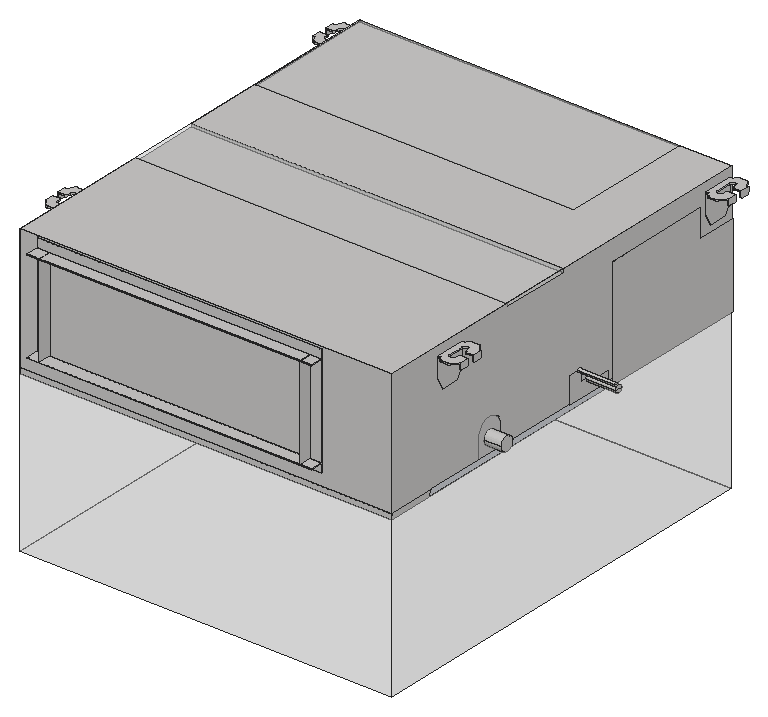
Revit family "outputfile", category 機械設備, Revit 2024
Family settings
  丸型コネクタ寸法 = 半径を使用
  パーツ タイプ = 標準
  OmniClass 番号 = 23.75.10.24.21.27.27
  OmniClass タイトル = Split System Air Conditioning Units
  作業面ベース = いいえ
  常に垂直 = はい
  ロード時にボイドで切り取り = いいえ
  注釈の向きを維持 = いいえ
  共有 = いいえ
  部屋計算ポイント = はい
Parameters (values of type "FXDBQ40AVMS")
  Description = ""
  書き出し IFC クラス(タイプ) = "IfcUnitaryEquipmentType"
  定義済み IFC タイプ(タイプ) = "AIRCONDITIONINGUNIT"
  Cost = 0
  Type Comments = ""
  Keynote = ""
  Type Image = (empty or 0)
  Assembly Code = ""
  lh_liquidpipe = [h***] + 60.0 mm  # 60.0 mm
  lh_RA [instance] = if(Rear Connection_Return Air, 125.25 mm + [h***], 245.0 mm + [h***])  # 125.25 mm
  ld_RA_length [instance] = if(Rear Connection_Return Air, 245.0 mm, 126.0 mm)  # 245.0 mm
  l_liquidpipe_length [instance] = 421.0 mm
  l_gaspipe_length [instance] = 408.0 mm
  l_drainpipe_length [instance] = 383.0 mm
  angle_vertica [instance] = 90.00°
  angle horizontal [instance] = if(Right Connection_refrigerant, 180.00°, 0.00°)  # 180.00°
  URL = ""
  Right Connection_refrigerant [instance] = yes
  製造元 = "Daikin"
  モデル = "FXDBQ40AVMS"
  w_pipe = 33.0 mm
  r_Liquid Pipe Size = Liquid Pipe Size / 2  # 3.2 mm
  r_Gas Pipe Size = Gas Pipe Size / 2  # 6.35 mm
  r_Drain Pipe Size = Drain Pipe Size / 2  # 12.5 mm
  lw_powersupply = 304.0 mm
  lw_ductflange2 = 602.0 mm
  lw_Width = 535.0 mm
  lh_suctionflange [instance] = 125.25 mm
  ld_suctionflange [instance] = if(Rear Connection_Return Air, 190.0 mm, 100.0 mm)  # 190.0 mm
  ld_powersupply = 60.0 mm
  angle_vertical_RA [instance] = if(Rear Connection_Return Air, 90.00°, 0.00°)  # 90.00°
  angle horizontal_RA [instance] = if(Rear Connection_Return Air, 180.00°, 270.00°)  # 180.00°
  Voltage_comment_50Hz = "220-240"
  Voltage_50Hz = 230 V
  Supply Air Direction [instance] = yes
  Sound Power Level_H speed (dB) = 0
  Rear Connection_Return Air [instance] = not(Bottom Connection_Return Air)  # yes
  RA_length [instance] = 245.0 mm  # constant formula
  Phase_50Hz = 1
  Minimum External Static Pressure = 15.00 Pa
  Minimum Circuit Amps_50Hz = 1.0 A
  Maximum Fuse Amps_50Hz = 16.0 A
  Maximum External Static Pressure = 50.00 Pa
  Material_Casing = DAIKIN_GalvanizedSteel_Casing_indoorunit
  lw_liquidpipe = 71.0 mm  # constant formula
  lw_gaspipe = 58.0 mm  # constant formula
  lw_mountinghole_pitch = 738.0 mm
  lw_mountinghole = 20.0 mm  # constant formula
  lw_drainpipe = 33.0 mm  # constant formula
  lh_powersupply = 10.0 mm
  lh_gaspipe = [h***] + 38.0 mm  # 38.0 mm
  lh_mountinghole = Height - 15.0 mm + [h***]  # 230.0 mm
  lh_drainpipe = 150.0 mm
  lh_antena = 16.0 mm  # constant formula
  ld_liquidpipe = 193.0 mm  # constant formula
  ld_gaspipe = 130.0 mm  # constant formula
  ld_mountinghole_pitch = 630.0 mm  # constant formula
  ld_drainpipe = 280.0 mm
  ld_controlbox = 626.0 mm  # constant formula
  h*** = 0.0 mm  # constant formula
  d_dischargeflange = 25.0 mm  # constant formula
  Width = 700.0 mm
  Version = "ver.1.0"
  Unit Type = "Bedroom Duct Type"
  Unit Mass Weight = 26.00 kg
  Unit Designation [instance] = ""
  Uniclass2015Version = "Products v1.30"
  Uniclass2015Title = "Variable refrigerant flow units"
  Uniclass2015Code = "Pr_70_65_03_94"
  Total Heating Capacity [instance] = 0.000 kW
  Total Cooling Capacity [instance] = 0.000 kW
  Sound Pressure Level_M speed (dBA) = 0
  Sound Pressure Level_L speed (dBA) = 27
  Sound Pressure Level_H speed (dBA) = 35
  Series = "VRV Fan Coil Unit"
  Sensible Cooling Capacity [instance] = 0.000 kW
  SA Duct Size Width = 490.0 mm
  SA Duct Size Height = 174.0 mm
  Refrigerant Type = "R410A"
  RA Duct Size Width = 562.0 mm
  RA Duct Size Height [instance] = if(Rear Connection_Return Air, 202.6 mm, 204.0 mm)  # 202.6 mm
  Power Input (Heating) = 0.062 kW
  Power Input (Cooling) = 0.062 kW
  Option Accessory 3 [instance] = ""
  Option Accessory 2 [instance] = ""
  Option Accessory 1 [instance] = ""
  Nominal Heating Capacity = 5.000 kW
  Nominal Cooling Capacity = 4.500 kW
  Minimum Airflow = 510.00 m³/h
  Median Airflow = 630.00 m³/h
  Maximum Airflow = 798.00 m³/h
  Load Classification = HVAC
  Liquid Pipe Size = 6.4 mm
  Link_Nested Family [instance] = ""
  Left Connection_refrigerant [instance] = no
  IfcVersion = "0"
  IfcExportType = "AIRCONDITIONINGUNIT"
  IfcExportAs = "IfcUnitaryEquipmentType"
  Height = 245.0 mm
  Heating Entering Wet Bulb Temperature [instance] = 0.00 °C
  Heating Entering Dry Bulb Temperature [instance] = 0.00 °C
  Heating Ambient Wet Bulb Temperature [instance] = 0.00 °C
  Heating Ambient Dry Bulb Temperature [instance] = 0.00 °C
  Heat Exchanger Type = "Cross Fin Coil"
  Gas Pipe Size = 12.7 mm
  Frequency_50Hz = 50 Hz
  Fan Type = "Sirocco Fan"
  Fan Drive = "Direct Drive"
  FCU Tag No. [instance] = ""
  Drain Pipe Size = 25.0 mm
  Design Supply Airflow [instance] = 0.00 m³/h
  Design Return Airflow [instance] = 0.00 m³/h
  Design External Static Pressure [instance] = 0.00 Pa
  Depth = 800.0 mm
  既定の高さ = 0.0 mm
  Cooling Entering Wet Bulb Temperature [instance] = 0.00 °C
  Cooling Entering Dry Bulb Temperature [instance] = 0.00 °C
  Cooling Ambient Wet Bulb Temperature [instance] = 0.00 °C
  Cooling Ambient Dry Bulb Temperature [instance] = 0.00 °C
  Clearance visibility [instance] = yes
  Clearance Top = 0.0 mm
  Clearance Right = 0.0 mm
  Clearance Rear = 0.0 mm
  Clearance Left = 0.0 mm
  Clearance Front = 0.0 mm
  Clearance Bottom = 300.0 mm
  Bottom Connection_Return Air [instance] = no
Reference planes
  plane 1 "Center (Front/Back)": y = 0
  plane 2: z = 0
  plane 3 "Center (Left/Right)": x = 0
  plane 4 "Back": y = 400
  plane 5 "Front": y = -400
  plane 6 "Left": x = -350
  plane 7 "Right": x = 350
  plane 8 "Top": z = 0
  plane 9 "Bottom": z = -245
  plane 10: x = 330
  plane 11: x = -330
  plane 12: z = -235
  plane 13: z = -6
  plane 14: z = -67
  plane 15: z = -185
  plane 16: z = -207
  plane 17: x = -304
  plane 18: x = 304
  plane 19: x = -369
  plane 20: x = 369
  plane 21: x = -389
  plane 22: x = 390
  plane 23: x = 421
  plane 24: x = 408
  plane 25: x = 383
  plane 26: z = -15
  plane 27: z = -95
  plane 28 "Clearance Left": x = -350
  plane 29 "Clearance Right": x = 350
  plane 30 "Clearance Rear": y = 400
  plane 31 "Clearance Front": y = -400
  plane 32 "Clearance Top": z = 0
  plane 33 "Clearance Bottom": z = -545
  plane 34: z = -21
  plane 35: z = -206
  plane 36: z = -141.5
  plane 37: x = -40
  plane 38: y = 61
  plane 39: y = 39
  plane 40: y = -30
  plane 41: y = -171
  plane 42: z = -97.5
  plane 43: y = -400
  plane 44: x = -349
  plane 45: z = -145
  plane 46: z = -355
  plane 47: y = 210
  plane 48: z = 331
  plane 49: z = -244
  plane 50: y = 210
  plane 51: z = -146
  plane 52: x = 383
  plane 53: x = 345
  plane 54: x = 355
  plane 55: x = 351
  plane 56: x = 251
  plane 57: x = 349.004
  plane 58: x = -349
  plane 59: x = 304
  plane 60: z = -108
  plane 61: z = -234
  plane 62: x = -317
  plane 63: z = -3
  plane 64: x = -49.5
  plane 65: z = -1
  plane 66: y = 155
  plane 67: x = -50
  plane 68: y = -266
  plane 69: y = 364
  plane 70: z = -15
  plane 71: z = -185
  plane 72: z = -207
  plane 73: x = -383
  plane 74: x = -351
  plane 75: x = -421
  plane 76: x = -408
  plane 77: y = 280.25
  plane 78: z = 125.25
  plane 79: y = 117.5
  plane 80: z = -36.4
  plane 81: y = 399
Forms (mm)
  Extrusion 1, solid
    sketch origin (0, 0, 0) x (1, 0, 0) y (0, 0, 1)
      loop
        line (-350, -235) -> (-350, -245) -> (350, -245) -> (350, -235) -> (-350, -235)
    from -116.5 to 310
  Extrusion 2, solid, material "DAIKIN_GalvanizedSteel_Casing_indoorunit" <- "Material_Casing"
    sketch origin (0, 0, 0) x (1, 0, 0) y (0, 1, 0)
      loop
        line (-350, -400) -> (350, -400) -> (350, 400) -> (-350, 400) -> (-350, -400)
    from -245 to 0
  Extrusion 3, void
    sketch origin (0, 0, 1) x (1, 0, 0) y (0, 1, 0)
      loop
        line (-350, -128.821) -> (350, -128.821) -> (350, 4.179) -> (-350, 4.179) -> (-350, -128.821)
    from -1 to -7
  Revolve 4, solid, material "DAIKIN_GalvanizedSteel_Casing_indoorunit" <- "Material_Casing"
    sketch origin (0, 0, -207) x (0, -1, 0) y (1, 0, 0)
      loop
        line (-67.35, 351) -> (-61, 351) -> (-61, 408) -> (-67.35, 408) -> (-67.35, 351)
      axis (-61, 351) -> (-61, 408)
    angle from 0 to 360
  Revolve 5, solid, material "DAIKIN_GalvanizedSteel_Casing_indoorunit" <- "Material_Casing"
    sketch origin (0, 0, -185) x (0, -1, 0) y (1, 0, 0)
      loop
        line (-39, 351) -> (-39, 421) -> (-42.2, 421) -> (-42.2, 351) -> (-39, 351)
      axis (-39, 421) -> (-39, 351)
    angle from 0 to 360
  Extrusion 6, solid, material "DAIKIN_GalvanizedSteel_Casing_indoorunit" <- "Material_Casing"
    sketch origin (0, 0, 0) x (0, 1, 0) y (0, 0, 1)
      loop
        circle (-171, -206) r 13
    from 383 to 349.004
  Extrusion 7, solid, material "DAIKIN_GalvanizedSteel_Casing_indoorunit" <- "Material_Casing"
    sketch origin (0, 0, 0) x (1, 0, 0) y (0, 0, 1)
      loop
        line (-350, -235) -> (-350, -245) -> (350, -245) -> (350, -235) -> (-350, -235)
    from -116.5 to 400
  Extrusion 8, void
    sketch origin (0, 0, 0) x (1, 0, 0) y (0, 0, 1)
      loop
        line (251, 0) -> (-349, 0) -> (-349, -1) -> (251, -1) -> (251, 0)
    from -400 to -152.5
  Extrusion 9, solid, material "DAIKIN_GalvanizedSteel_Casing_indoorunit" <- "Material_Casing", visible <- "Rear Connection_Return Air"
    sketch origin (0, 0, 0) x (1, 0, 0) y (0, 1, 0)
      loop
        line (-349, 400) -> (-349, 152.5) -> (251, 152.5) -> (251, 400) -> (-349, 400)
    from -245 to -244
  Extrusion 10, solid, material "DAIKIN_GalvanizedSteel_Casing_indoorunit" <- "Material_Casing", visible <- "Bottom Connection_Return Air"
    sketch origin (0, 0, 0) x (1, 0, 0) y (0, 0, 1)
      loop
        line (251, -1) -> (-349, -1) -> (-349, -245) -> (251, -245) -> (251, -1)
    from -400 to -399
  Extrusion 11, void
    sketch origin (0, 0, 0) x (0, 1, 0) y (0, 0, 1)
      loop
        arc (-143.5, -198.721) -> (-171, -171.221) -> (-198.5, -198.721) r 27.5
        line (-198.5, -198.721) -> (-198.5, -235) -> (-143.5, -235) -> (-143.5, -198.721)
    from 349.004 to 350
  Extrusion 12, solid, material "DAIKIN_GalvanizedSteel_Casing_indoorunit" <- "Material_Casing"
    sketch origin (0, 0, 0) x (0, 1, 0) y (0, 0, 1)
      loop
        line (35.8, -185) -> (16.8, -185) -> (16.8, -235) -> (107.3, -235) -> (107.3, -217) -> (67.3, -217) -> (67.3, -207)
        arc (67.3, -207) -> (60.975, -213.325) -> (54.65, -207) r 6.325
        line (54.65, -207) -> (42.2, -207) -> (42.2, -185)
        arc (42.2, -185) -> (39, -188.2) -> (35.8, -185) r 3.2
    from 350 to 351
  Extrusion 13, void
    sketch origin (0, 0, 0) x (0, 1, 0) y (0, 0, -1)
      loop
        line (-143.5, 198.721) -> (-143.5, 235) -> (-198.5, 235) -> (-198.5, 198.721)
        arc (-198.5, 198.721) -> (-171, 171.221) -> (-143.5, 198.721) r 27.5
    from 349 to 350
  Extrusion 14, solid, material "DAIKIN_GalvanizedSteel_Casing_indoorunit" <- "Material_Casing"
    sketch origin (0, 0, 0) x (0, 1, 0) y (0, 0, -1)
      loop
        circle (-171, 206) r 13
    from 383 to 349
  Extrusion 15, solid, material "DAIKIN_GalvanizedSteel_Casing_indoorunit" <- "Material_Casing"
    sketch origin (0, 0, 0) x (0, 1, 0) y (0, 0, -1)
      loop
        arc (35.8, 185) -> (39, 188.2) -> (42.2, 185) r 3.2
        line (42.2, 185) -> (42.2, 207) -> (54.65, 207)
        arc (54.65, 207) -> (60.975, 213.325) -> (67.3, 207) r 6.325
        line (67.3, 207) -> (67.3, 217) -> (107.3, 217) -> (107.3, 235) -> (16.8, 235) -> (16.8, 185) -> (35.8, 185)
    from 350 to 351
  Revolve 16, solid, material "DAIKIN_GalvanizedSteel_Casing_indoorunit" <- "Material_Casing"
    sketch origin (0, 0, -185) x (0, -1, 0) y (1, 0, 0)
      loop
        line (-39, -351) -> (-42.2, -351) -> (-42.2, -421) -> (-39, -421) -> (-39, -351)
      axis (-39, -421) -> (-39, -351)
    angle from 0 to 360
  Revolve 17, solid, material "DAIKIN_GalvanizedSteel_Casing_indoorunit" <- "Material_Casing"
    sketch origin (0, 0, -207) x (0, -1, 0) y (1, 0, 0)
      loop
        line (-67.35, -351) -> (-67.35, -408) -> (-61, -408) -> (-61, -351) -> (-67.35, -351)
      axis (-61, -351) -> (-61, -408)
    angle from 0 to 360
  Extrusion 18, solid, material "DAIKIN_GalvanizedSteel_Casing_indoorunit" <- "Material_Casing"
    sketch origin (0, 0, 0) x (0, 1, 0) y (0, 0, 1)
      loop
        line (117.5, -36.4) -> (117.5, -245) -> (400, -245) -> (400, -88) -> (322.4, -88) -> (322.4, -36.4) -> (117.5, -36.4)
    from 351 to 350
Cuts and joins
  Extrusion 3, Extrusion 8, Extrusion 11, Extrusion 13 cuts Extrusion 2
  Extrusion 8, Extrusion 11, Extrusion 13 cuts Extrusion 7
Dimensions and locks
  "lh_powersupply": plane 12 to plane 9 "Bottom"
  locked: plane 8 "Top" to plane 13 at 6
  "Height": plane 8 "Top" to plane 9 "Bottom"
  equal spacing: plane 17, plane 3 "Center (Left/Right)", plane 18, locked at 304 each
  locked: plane 17 to plane 18 at 608
  equal spacing: plane 19, plane 3 "Center (Left/Right)", plane 20
  "lw_mountinghole_pitch": plane 19 to plane 20
  locked: plane 14 to plane 9 "Bottom" at 178
  "lw_mountinghole": plane 21 to plane 19
  locked: plane 15 to plane 9 "Bottom" at 60
  "lh_gaspipe": plane 16 to plane 9 "Bottom"
  "lh_mountinghole": plane 26 to plane 9 "Bottom"
  equal spacing: plane 6 "Left", plane 3 "Center (Left/Right)", plane 7 "Right"
  "Width": plane 6 "Left" to plane 7 "Right"
  "lh_drainpipe": plane 27 to plane 9 "Bottom"
  "Clearance Right": plane 7 "Right" to plane 29 "Clearance Right"
  "Clearance Left": plane 28 "Clearance Left" to plane 6 "Left"
  "lw_gaspipe": plane 7 "Right" to plane 24
  "lw_liquidpipe": plane 7 "Right" to plane 23
  "lw_drainpipe": plane 7 "Right" to plane 25
  "Clearance Rear": plane 30 "Clearance Rear" to plane 4 "Back"
  "Clearance Front": plane 5 "Front" to plane 31 "Clearance Front"
  "Clearance Top": plane 32 "Clearance Top" to plane 8 "Top"
  "Clearance Bottom": plane 9 "Bottom" to plane 33 "Clearance Bottom"
  locked: plane 8 "Top" to plane 34 at 21
  locked: plane 8 "Top" to plane 35 at 206
  locked: plane 36 to plane 9 "Bottom" at 103.5
  locked: plane 34 to plane 42 at 76.5
  locked: plane 44 to plane 6 "Left" at 1
  locked: plane 12 to plane 45 at 90
  locked: plane 46 to plane 33 "Clearance Bottom" at 190
  plane 48 to plane 26 = 346.0 mm
  locked: plane 49 to plane 9 "Bottom" at 1
  "ld_suctionflange": plane 4 "Back" to plane 50
  locked: plane 51 to plane 9 "Bottom" at 99
  locked: plane 7 "Right" to plane 52 at 33
  locked: plane 53 to plane 7 "Right" at 5
  locked: plane 7 "Right" to plane 54 at 5
  locked: plane 7 "Right" to plane 55 at 1
  plane 7 "Right" to plane 56 = 99.0 mm
  locked: plane 7 "Right" to plane 57 at 0.996
  locked: plane 58 to plane 6 "Left" at 1
  "lw_powersupply": plane 3 "Center (Left/Right)" to plane 59
  locked: plane 61 to plane 9 "Bottom" at 11
  locked: plane 6 "Left" to plane 62 at 33
  locked: plane 8 "Top" to plane 63 at 3
  locked: plane 8 "Top" to plane 65 at 1
  plane 66 to plane 4 "Back" = 245.0 mm
  "ld_mountinghole_pitch": plane 69 to plane 68
  locked: plane 8 "Top" to plane 70 at 15
  "Depth": plane 4 "Back" to plane 43
  equal spacing: plane 4 "Back", plane 1 "Center (Front/Back)", plane 43, locked at 400 each
  locked: plane 31 "Clearance Front" to plane 41 at 229
  locked: plane 31 "Clearance Front" to plane 39 at 439
  locked: plane 39 to plane 38 at 22
  locked: plane 8 "Top" to plane 71 at 185
  locked: plane 71 to plane 72 at 22
  locked: plane 60 to plane 9 "Bottom" at 137
  plane 72 to plane 9 "Bottom" = 38.0 mm
  locked: plane 73 to plane 6 "Left" at 33
  locked: plane 74 to plane 6 "Left" at 1
  locked: plane 75 to plane 6 "Left" at 71
  locked: plane 76 to plane 6 "Left" at 58
  "r_Liquid Pipe Size": Revolve 5 sketch curve to Revolve 5 sketch curve
  "r_Gas Pipe Size": Revolve 4 sketch curve to Revolve 4 sketch curve
  "lh_suctionflange": plane 78 to level
  "r_Liquid Pipe Size": Revolve 16 sketch curve to Revolve 16 sketch curve
  "r_Gas Pipe Size": Revolve 17 sketch curve to Revolve 17 sketch curve
  locked: plane 68 to plane 43 at 134
  "ld_RA_length": plane 30 "Clearance Rear" to plane 66
  locked: plane 30 "Clearance Rear" to Extrusion 9 sketch curve at 247.5
  locked: plane 79 to plane 30 "Clearance Rear" at 282.5
  locked: plane 80 to plane 9 "Bottom" at 208.6
  locked: Extrusion 18 sketch curve to Extrusion 18 sketch curve at 51.6
  locked: Extrusion 18 sketch curve to nested 8 at 77.6
  locked: plane 4 "Back" to plane 81 at 1
  aligned and locked: level to plane 2
  aligned and locked: Extrusion 2 to plane 9 "Bottom"
  aligned and locked: plane 8 "Top" to Extrusion 2
  aligned and locked: Revolve 4 sketch curve to Revolve 4 sketch curve
  aligned and locked: plane 20 to nested 2
  aligned and locked: plane 19 to nested 3
  aligned and locked: plane 19 to nested 4
  aligned and locked: nested 7 to plane 12
  aligned and locked: Extrusion 7 to plane 9 "Bottom"
  aligned and locked: Extrusion 6 sketch curve to plane 41
  aligned and locked: plane 4 "Back" to Extrusion 8
  aligned and locked: plane 8 "Top" to Extrusion 3
  aligned and locked: plane 9 "Bottom" to Extrusion 9  (x2)
  aligned and locked: Extrusion 9 to plane 49
  aligned and locked: Extrusion 8 to level
  aligned and locked: plane 30 "Clearance Rear" to nested 8
  aligned and locked: plane 29 "Clearance Right" to nested 8
  aligned and locked: plane 28 "Clearance Left" to nested 8
  aligned and locked: nested 8 to plane 32 "Clearance Top"
  aligned and locked: nested 8 to plane 33 "Clearance Bottom"
  aligned and locked: Extrusion 3 to plane 13
  aligned and locked: plane 7 "Right" to cut or joined group of Extrusion 2, Extrusion 3, Extrusion 8, Extrusion 11, Extrusion 13  (x2)
  aligned and locked: plane 52 to Extrusion 6
  aligned and locked: plane 56 to Extrusion 8 sketch curve
  aligned and locked: Extrusion 9 to plane 56
  aligned and locked: cut or joined group of Extrusion 2, Extrusion 3, Extrusion 8, Extrusion 11, Extrusion 13 to plane 43
  aligned and locked: nested 7 to plane 59
  aligned and locked: nested 6 to plane 1 "Center (Front/Back)"
  aligned and locked: plane 3 "Center (Left/Right)" to nested 6
  aligned and locked: plane 60 to nested 5  (x2)
  aligned and locked: nested 10 to plane 62
  aligned and locked: nested 10 to plane 63
  aligned and locked: plane 64 to nested 5
  aligned and locked: nested 11 to plane 58
  aligned and locked: plane 4 "Back" to nested 11
  aligned and locked: plane 65 to nested 11
  aligned and locked: plane 4 "Back" to Extrusion 10
  aligned and locked: plane 65 to Extrusion 10
  aligned and locked: Extrusion 10 to plane 9 "Bottom"
  aligned and locked: Extrusion 10 to plane 56
  aligned and locked: plane 4 "Back" to nested 7
  aligned and locked: nested 13 to plane 68
  aligned and locked: plane 6 "Left" to nested 13
  aligned and locked: plane 68 to nested 12
  aligned and locked: nested 12 to plane 7 "Right"
  aligned and locked: nested 15 to plane 69
  aligned and locked: plane 6 "Left" to nested 15
  aligned and locked: plane 69 to nested 14
  aligned and locked: nested 14 to plane 7 "Right"
  aligned and locked: plane 70 to nested 13
  aligned and locked: plane 70 to nested 15
  aligned and locked: plane 20 to nested 1
  aligned and locked: nested 1 to plane 69
  aligned and locked: nested 4 to plane 69
  aligned and locked: nested 3 to plane 68
  aligned and locked: nested 2 to plane 68
  aligned and locked: cut or joined group of Extrusion 2, Extrusion 3, Extrusion 8, Extrusion 11, Extrusion 13 to plane 57
  aligned and locked: Extrusion 6 to plane 57
  aligned and locked: nested 5 to plane 64
  aligned and locked: nested 5 to plane 43
  aligned and locked: cut or joined group of Extrusion 7, Extrusion 8, Extrusion 11, Extrusion 13 to plane 43
  aligned and locked: plane 7 "Right" to Extrusion 12
  aligned and locked: plane 55 to Extrusion 12
  aligned and locked: plane 71 to Revolve 5
  aligned and locked: plane 72 to Revolve 4
  aligned and locked: plane 72 to Extrusion 12
  aligned and locked: Extrusion 12 to plane 12
  aligned and locked: plane 71 to Extrusion 12
  aligned and locked: cut or joined group of Extrusion 2, Extrusion 3, Extrusion 8, Extrusion 11, Extrusion 13 to plane 6 "Left"  (x2)
  aligned and locked: plane 58 to cut or joined group of Extrusion 2, Extrusion 3, Extrusion 8, Extrusion 11, Extrusion 13
  aligned and locked: plane 58 to Extrusion 14
  aligned and locked: Extrusion 14 to plane 73
  aligned and locked: plane 6 "Left" to Extrusion 15
  aligned and locked: Extrusion 15 to plane 74
  aligned and locked: Revolve 16 to plane 74
  aligned and locked: Revolve 16 to plane 75
  aligned and locked: Revolve 17 sketch curve to Revolve 17 sketch curve
  aligned and locked: Revolve 17 to plane 74
  aligned and locked: Revolve 17 to plane 76
  aligned and locked: nested 16 to plane 39
  aligned and locked: nested 17 to plane 38
  aligned and locked: nested 17 to plane 3 "Center (Left/Right)"
  aligned and locked: plane 71 to Revolve 16
  aligned and locked: plane 72 to Revolve 17
  aligned and locked: plane 43 to nested 10
  aligned and locked: nested 8 to plane 43
  aligned and locked: nested 18 to plane 41
  aligned and locked: plane 3 "Center (Left/Right)" to nested 18
  aligned and locked: plane 35 to nested 18
  aligned and locked: nested 9 to plane 67  (x2)
  aligned and locked: plane 70 to nested 12
  aligned and locked: plane 70 to nested 14
  aligned and locked: nested 9 to plane 66
  aligned and locked: plane 29 "Clearance Right" to Extrusion 18
  aligned and locked: plane 55 to Extrusion 18
  aligned and locked: plane 80 to Extrusion 18
  aligned and locked: plane 79 to Extrusion 18
  aligned and locked: nested 19 to plane 9 "Bottom"
  aligned and locked: nested 19 to plane 56
  aligned and locked: nested 19 to plane 81
  aligned and locked: level to plane 8 "Top"
Automatic sketch dimensions
  Extrusion 1 sketch curve to plane 6 "Left" = 0.0 mm
  Extrusion 1 sketch curve to plane 7 "Right" = 0.0 mm
  Extrusion 1 sketch curve to plane 9 "Bottom" = 0.0 mm
  Extrusion 1 sketch curve to plane 12 = 0.0 mm
  Extrusion 2 sketch curve to plane 4 "Back" = 0.0 mm
  Extrusion 2 sketch curve to plane 6 "Left" = 0.0 mm
  Extrusion 2 sketch curve to plane 7 "Right" = 0.0 mm
  Extrusion 2 sketch curve to plane 43 = 0.0 mm
  Extrusion 3 sketch curve to plane 6 "Left" = 0.0 mm
  Extrusion 3 sketch curve to plane 7 "Right" = 0.0 mm
  plane 41 to Extrusion 3 sketch curve = 42.179 mm
  Extrusion 3 sketch curve to plane 1 "Center (Front/Back)" = 4.179 mm
  Revolve 4 sketch curve to plane 24 = 0.0 mm
  Revolve 4 sketch curve to plane 38 = 0.0 mm
  Revolve 4 sketch curve to plane 55 = 0.0 mm
  plane 55 to Revolve 4 sketch curve = 1.003 mm
  plane 24 to Revolve 4 sketch curve = 1.003 mm
  Revolve 5 sketch curve to plane 39 = 0.0 mm  (x2)
  Revolve 5 sketch curve to plane 23 = 0.0 mm  (x2)
  Revolve 5 sketch curve to plane 55 = 0.0 mm  (x2)
  Extrusion 6 sketch curve to plane 35 = 0.0 mm
  Extrusion 7 sketch curve to plane 6 "Left" = 0.0 mm
  Extrusion 7 sketch curve to plane 7 "Right" = 0.0 mm
  Extrusion 7 sketch curve to plane 9 "Bottom" = 0.0 mm
  Extrusion 7 sketch curve to plane 12 = 0.0 mm
  Extrusion 9 sketch curve to plane 44 = 0.0 mm
  Extrusion 9 sketch curve to plane 4 "Back" = 0.0 mm
  Extrusion 9 sketch curve to plane 56 = 0.0 mm
  Extrusion 10 sketch curve to plane 44 = 0.0 mm
  Extrusion 10 sketch curve to plane 9 "Bottom" = 0.0 mm
  Extrusion 10 sketch curve to plane 56 = 0.0 mm
  Extrusion 10 sketch curve to plane 65 = 0.0 mm
  Extrusion 11 sketch curve to plane 12 = 0.0 mm
  Extrusion 11 sketch curve to plane 41 = 0.0 mm
  Extrusion 11 sketch curve to plane 41 = 27.5 mm
  plane 35 to Extrusion 11 sketch curve = 7.279 mm
  Extrusion 12 sketch curve to plane 15 = 0.0 mm
  Extrusion 12 sketch curve to plane 12 = 0.0 mm
  Extrusion 12 sketch curve to plane 39 = 0.0 mm
  Extrusion 12 sketch curve to plane 72 = 0.0 mm
  Extrusion 12 sketch curve to Extrusion 12 sketch curve = 3.2 mm
  Extrusion 12 sketch curve to plane 1 "Center (Front/Back)" = 16.8 mm
  Extrusion 12 sketch curve to plane 38 = 6.35 mm
  Extrusion 12 sketch curve to plane 38 = 0.025 mm
  Extrusion 12 sketch curve to Extrusion 12 sketch curve = 40.0 mm
  Extrusion 12 sketch curve to Extrusion 12 sketch curve = 10.0 mm
  Extrusion 13 sketch curve to plane 12 = 0.0 mm
  Extrusion 13 sketch curve to plane 41 = 0.0 mm
  Extrusion 13 sketch curve to plane 41 = 27.5 mm
  plane 35 to Extrusion 13 sketch curve = 7.279 mm
  Extrusion 14 sketch curve to plane 35 = 0.0 mm
  Extrusion 14 sketch curve to plane 41 = 0.0 mm
  Extrusion 15 sketch curve to plane 15 = 0.0 mm
  Extrusion 15 sketch curve to plane 12 = 0.0 mm
  Extrusion 15 sketch curve to plane 39 = 0.0 mm
  Extrusion 15 sketch curve to plane 72 = 0.0 mm
  Extrusion 15 sketch curve to Extrusion 15 sketch curve = 3.2 mm
  Extrusion 15 sketch curve to plane 1 "Center (Front/Back)" = 16.8 mm
  Extrusion 15 sketch curve to plane 38 = 6.35 mm
  Extrusion 15 sketch curve to plane 38 = 0.025 mm
  Extrusion 15 sketch curve to Extrusion 15 sketch curve = 40.0 mm
  Extrusion 15 sketch curve to Extrusion 15 sketch curve = 10.0 mm
  Revolve 16 sketch curve to plane 74 = 0.0 mm  (x2)
  Revolve 16 sketch curve to plane 75 = 0.0 mm  (x2)
  Revolve 16 sketch curve to plane 39 = 0.0 mm  (x2)
  Revolve 17 sketch curve to plane 74 = 0.0 mm
  Revolve 17 sketch curve to plane 38 = 0.0 mm
  plane 75 to Revolve 17 sketch curve = 13.0 mm
  Revolve 17 sketch curve to plane 74 = 1.003 mm
  Revolve 17 sketch curve to Revolve 17 sketch curve = 1.003 mm
  Extrusion 8 sketch curve to plane 44 = 0.0 mm
  Extrusion 8 sketch curve to level = 0.0 mm
  Extrusion 8 sketch curve to plane 65 = 0.0 mm
  Extrusion 18 sketch curve to plane 9 "Bottom" = 0.0 mm
  Extrusion 18 sketch curve to plane 79 = 0.0 mm
  Extrusion 18 sketch curve to plane 80 = 0.0 mm
  Extrusion 18 sketch curve to plane 4 "Back" = 0.0 mm
  radius of Extrusion 6 sketch curve = 13.0 mm
  radius of Extrusion 14 sketch curve = 13.0 mm
Nested families
  nested 1: "daikin_mountinghole" at (369, 364, -245), l_antenna <- "lh_antena", Link_Nested Family <- "Link_Nested Family", h_mountinghole <- "lh_mountinghole", type "daikin_mountinghole"
    with show yes, l_antenna 16.0 mm, h_mountinghole 230.0 mm, Link_Nested Family ""
  nested 2: "daikin_mountinghole" at (369, -266, -245), Link_Nested Family <- "Link_Nested Family", l_antenna <- "lh_antena", h_mountinghole <- "lh_mountinghole", type "daikin_mountinghole"
    with show yes, l_antenna 16.0 mm, h_mountinghole 230.0 mm, Link_Nested Family ""
  nested 3: "daikin_mountinghole" at (-369, -266, -245), l_antenna <- "lh_antena", Link_Nested Family <- "Link_Nested Family", h_mountinghole <- "lh_mountinghole", type "daikin_mountinghole"
    with show yes, l_antenna 16.0 mm, h_mountinghole 230.0 mm, Link_Nested Family ""
  nested 4: "daikin_mountinghole" at (-369, 364, -245), l_antenna <- "lh_antena", Link_Nested Family <- "Link_Nested Family", h_mountinghole <- "lh_mountinghole", type "daikin_mountinghole"
    with show yes, l_antenna 16.0 mm, h_mountinghole 230.0 mm, Link_Nested Family ""
  nested 5: "daikin_connector_rotate2" at (-49.5, -400, -108), length <- "d_dischargeflange", type "daikin_connector_rotate2"
    with radius 10.0 mm, length 25.0 mm, angle_vertical 90.00°, show_face no
  nested 6: "daikin_△_symbolicline" at (-75, -129.904, 245) x (-0.5, 0.866, 0) z (0, 0, 1), built-in parameter 1001364 <- "Height", visible <- "Supply Air Direction", type "daikin_△_symbolicline"
    with length 300.0 mm
  nested 7: "daikin_connector_rotate2" at (304, 340, -235) x (-1, 0, 0) z (0, 0, 1), built-in parameter 1001364 <- "lw_powersupply", length <- "ld_powersupply", type "daikin_connector_rotate2"
    with radius 10.0 mm, length 60.0 mm, angle_vertical 90.00°, show_face no
  nested 8: "daikin_clearancespace" at (0, 0, -272.381), visible <- "Clearance visibility", show <- "Clearance visibility", Link_Nested Family <- "Link_Nested Family", type "daikin_clearancespace"
    with width 700.0 mm, show yes, height 545.0 mm, depth 800.0 mm, Link_Nested Family ""
  nested 9: "daikin_connector_rotate3" at (-50, 155, -119.75), angle_vertical <- "angle_vertical_RA", angle_horizontal <- "angle horizontal_RA", length <- "RA_length", built-in parameter 1001364 <- "lh_RA", type "daikin_connector_rotate3"
    with show no, radius 10.0 mm, length 245.0 mm, angle_vertical 90.00°, angle_horizontal 180.00°
  nested 10: "daikin_ductflange_FXDBQ-AVMS" at (-49.5, -86.5, -385.201), width <- "lw_Width", material <- "Material_Casing", type "daikin_ductflange_FXDBQ-AVMS"
    with width 535.0 mm, material DAIKIN_GalvanizedSteel_Casing_indoorunit, height 176.0 mm, depth 25.0 mm
  nested 11: "daikin_ductflange_FXDBQ-AVMS2" at (-49, 400, -119.75), material <- "Material_Casing", visible <- "Rear Connection_Return Air", width <- "lw_ductflange2", rear <- "Rear Connection_Return Air", bottom <- "Bottom Connection_Return Air", type "daikin_ductflange_FXDBQ-AVMS2"
    with width 602.0 mm, rear yes, material DAIKIN_GalvanizedSteel_Casing_indoorunit, height 245.0 mm, depth 1.0 mm, bottom no, H2 18.5 mm, H1 202.5 mm
  nested 12: "daikin_hangerfixture_FXDBQ-AVMS" at (350, -266, -15) x (0, 1, 0) z (0, 0, 1), type "daikin_hangerfixture_FXDBQ-AVMS"
  nested 13: "daikin_hangerfixture_FXDBQ-AVMS" at (-350, -266, -15) x (0, -1, 0) z (0, 0, 1), type "daikin_hangerfixture_FXDBQ-AVMS"
  nested 14: "daikin_hangerfixture_FXDBQ-AVMS" at (350, 364, -15) x (0, 1, 0) z (0, 0, 1), type "daikin_hangerfixture_FXDBQ-AVMS"
  nested 15: "daikin_hangerfixture_FXDBQ-AVMS" at (-350, 364, -15) x (0, -1, 0) z (0, 0, 1), type "daikin_hangerfixture_FXDBQ-AVMS"
  nested 16: "daikin_connector_rotate3" at (0, 39, -185) x (0, -1, 0) z (0, 0, 1), radius <- "r_Liquid Pipe Size", angle_vertical <- "angle_vertica", length <- "l_liquidpipe_length", angle_horizontal <- "angle horizontal", type "daikin_connector_rotate3"
    with show no, radius 3.2 mm, length 421.0 mm, angle_vertical 90.00°, angle_horizontal 180.00°
  nested 17: "daikin_connector_rotate3" at (0, 61, -207) x (0, -1, 0) z (0, 0, 1), angle_vertical <- "angle_vertica", angle_horizontal <- "angle horizontal", length <- "l_gaspipe_length", radius <- "r_Gas Pipe Size", built-in parameter 1001364 <- "lh_gaspipe", type "daikin_connector_rotate3"
    with show no, radius 6.35 mm, length 408.0 mm, angle_vertical 90.00°, angle_horizontal 180.00°
  nested 18: "daikin_connector_rotate3" at (0, -171, -206) x (0, -1, 0) z (0, 0, 1), angle_vertical <- "angle_vertica", angle_horizontal <- "angle horizontal", length <- "l_drainpipe_length", radius <- "r_Drain Pipe Size", type "daikin_connector_rotate3"
    with show no, radius 12.5 mm, length 383.0 mm, angle_vertical 90.00°, angle_horizontal 180.00°
  nested 19: "daikin_ductflange_FXDBQ-AVMS2" at (-49, 274.75, -244) x (1, 0, 0) z (0, -1, 0), width <- "lw_ductflange2", material <- "Material_Casing", visible <- "Bottom Connection_Return Air", rear <- "Rear Connection_Return Air", bottom <- "Bottom Connection_Return Air", type "daikin_ductflange_FXDBQ-AVMS2"
    with width 602.0 mm, rear yes, material DAIKIN_GalvanizedSteel_Casing_indoorunit, height 245.0 mm, depth 1.0 mm, bottom no, H2 18.5 mm, H1 202.5 mm
Connectors
  hvac at (-49.5, -425, -108), driven by "SA Duct Size Height", driven by "SA Duct Size Width"
    settings: on nested 5, index 7, duct flow 0.00 m³/h, flow factor 0, pres drop 0.00 Pa, loss coef 0, conn angle 0.00°, conn width 490.0 mm, conn height 174.0 mm, conn diameter 609.6 mm, duct sys type 1, conn prof type 1, flow config 0, flow direction 2, loss method 4, conn ref index -1, conn util no, is conn primary yes, conn desc "SA Duct"
  electrical at (304, 400, -235), driven by "Load Classification"
    settings: on nested 7, index 9, voltage 0 V, apparent load 0 VA, apparent load phase1 0 VA, apparent load phase2 0 VA, apparent load phase3 0 VA, power factor 1, load classification "HVAC", number of poles 1, system type 30, power factor state 1, is connector primary yes, connector utility no, sub classification motor no, connector description "Power Supply"
  hvac at (-50, 400, -119.75), driven by "RA Duct Size Height", driven by "RA Duct Size Width"
    settings: on nested 9, index 10, duct flow 0.00 m³/h, flow factor 0, pres drop 0.00 Pa, loss coef 0, conn angle 0.00°, conn width 562.0 mm, conn height 202.6 mm, conn diameter 609.6 mm, duct sys type 2, conn prof type 1, flow config 0, flow direction 1, loss method 4, conn ref index -1, conn util no, is conn primary no, conn desc "RA Duct"
  piping at (408, 61, -207), diameter 12.7, driven by "r_Gas Pipe Size"
    settings: on nested 17, index 13, connector inside diameter 609.6 mm, connector length 0.0 mm, flow factor 0, pipe flow 0.00 m³/h, pressure drop 0.0 Pa, fitting loss kfactor 0, connector angle 0.00°, fixture units 0, engagement length 0.0 mm, angle of deflection 0.00°, flow configuration 1, flow direction 2, fitting loss method 0, system type 29, joint type 0, gender type 0, connector reference index -1, connector utility 0, adjustable connector no, is connector primary yes, connector description "Refrigerant Gas Piping"
  piping at (421, 39, -185), diameter 6.4, driven by "r_Liquid Pipe Size"
    settings: on nested 16, index 14, connector inside diameter 609.6 mm, connector length 0.0 mm, flow factor 0, pipe flow 0.00 m³/h, pressure drop 0.0 Pa, fitting loss kfactor 0, connector angle 0.00°, fixture units 0, engagement length 0.0 mm, angle of deflection 0.00°, flow configuration 1, flow direction 1, fitting loss method 0, system type 29, joint type 0, gender type 0, connector reference index -1, connector utility 0, adjustable connector no, is connector primary no, connector description "Refrigerant Liquid Piping"
  piping at (383, -171, -206), diameter 25, driven by "r_Drain Pipe Size"
    settings: on nested 18, index 15, connector inside diameter 609.6 mm, connector length 0.0 mm, flow factor 0, pipe flow 0.00 m³/h, pressure drop 0.0 Pa, fitting loss kfactor 0, connector angle 0.00°, fixture units 0, engagement length 0.0 mm, angle of deflection 0.00°, flow configuration 1, flow direction 2, fitting loss method 4, system type 16, joint type 0, gender type 0, connector reference index -1, connector utility 0, adjustable connector no, is connector primary no, connector description "Condensate Drain Piping"
Definition of nested family "daikin_clearancespace"
  Parameters (values of type "daikin_clearancespace")
    width [instance] = 1823.963 mm
    show [instance] = yes
    material = none
    height [instance] = 1359.762 mm
    depth [instance] = 880.0 mm
    Default Elevation = 0.0 mm
    Link_Nested Family [instance] = ""
  Reference planes
    plane 1 "Center (Front/Back)": y = 0
    plane 2 "Center (Elevation)": z = -0.119
    plane 3 "Center (Left/Right)": x = 0
    plane 4: y = 440
    plane 5: y = -440
    plane 6 "Right": x = 911.982
    plane 7 "Left": x = -911.982
    plane 8 "Top": z = 679.762
    plane 9 "Bottom": z = -680
  Forms (mm)
    Extrusion 1, solid, material <- "material", visible <- "show"
      sketch origin (0, 0, 0) x (1, 0, 0) y (0, 1, 0)
        loop
          line (-911.982, 440) -> (-911.982, -440) -> (911.982, -440) -> (911.982, 440) -> (-911.982, 440)
      from -680 to 679.762
  Lines and regions (mm)
    symbolic lines, visible <- "show"
      curve 1: line (911.982, 440, 0) -> (-911.982, 440, 0)
      curve 2: line (-911.982, 440, 0) -> (-911.982, -440, 0)
      curve 3: line (-911.982, -440, 0) -> (911.982, -440, 0)
      curve 4: line (911.982, -440, 0) -> (911.982, 440, 0)
      curve 5: line (911.982, 0, 679.762) -> (-911.982, 0, 679.762)
      curve 6: line (911.982, 0, -680) -> (911.982, 0, 679.762)
      curve 7: line (-911.982, 0, -680) -> (911.982, 0, -680)
      curve 8: line (-911.982, 0, 679.762) -> (-911.982, 0, -680)
      curve 9: line (0, 440, 679.762) -> (0, -440, 679.762)
      curve 10: line (0, -440, 679.762) -> (0, -440, -680)
      curve 11: line (0, 440, -680) -> (0, 440, 679.762)
      curve 12: line (0, -440, -680) -> (0, 440, -680)
  Dimensions and locks
    "width": plane 7 "Left" to plane 6 "Right"
    "depth": plane 4 to plane 5
    "height": plane 8 "Top" to plane 9 "Bottom"
    equal spacing: plane 7 "Left", plane 3 "Center (Left/Right)", plane 6 "Right"
    equal spacing: plane 4, plane 1 "Center (Front/Back)", plane 5
    equal spacing: plane 8 "Top", plane 2 "Center (Elevation)", plane 9 "Bottom"
    aligned and locked: level to plane 2 "Center (Elevation)"
    aligned and locked: Extrusion 1 sketch curve to plane 4
    aligned and locked: plane 7 "Left" to Extrusion 1 sketch curve
    aligned and locked: Extrusion 1 sketch curve to plane 5
    aligned and locked: Extrusion 1 sketch curve to plane 6 "Right"
    aligned and locked: plane 8 "Top" to Extrusion 1
    aligned and locked: curve 1 to Extrusion 1
    aligned and locked: curve 2 to Extrusion 1
    aligned and locked: curve 3 to Extrusion 1
    aligned and locked: curve 4 to Extrusion 1
    aligned and locked: curve 5 to Extrusion 1
    aligned and locked: curve 6 to Extrusion 1
    aligned and locked: curve 7 to Extrusion 1
    aligned and locked: curve 8 to Extrusion 1
    aligned and locked: curve 9 to Extrusion 1
    aligned and locked: curve 10 to Extrusion 1
    aligned and locked: curve 11 to Extrusion 1
    aligned and locked: curve 12 to Extrusion 1
    aligned and locked: Extrusion 1 to plane 9 "Bottom"
Definition of nested family "daikin_ductflange_FXDBQ-AVMS"
  Parameters (values of type "daikin_ductflange_FXDBQ-AVM")
    width [instance] = 535.0 mm
    material [instance] = none
    height [instance] = 176.0 mm
    depth [instance] = 25.0 mm
    Default Elevation = 0.0 mm
  Reference planes
    plane 1 "Center (Front/Back)": y = 0
    plane 2: z = 189.201
    plane 3 "Center (Left/Right)": x = 0
    plane 4: y = -313.5
    plane 5: x = -267.5
    plane 6: x = 267.5
    plane 7: y = -338.5
    plane 8: z = 365.201
    plane 9: z = 277.201
    plane 10: z = 364.201
    plane 11: z = 190.201
  Forms (mm)
    Extrusion 1, solid, material <- "material"
      sketch origin (0, 0, 189.201) x (1, 0, 0) y (0, 1, 0)
        loop
          line (-245, -338.5) -> (-245, -313.5) -> (-267.5, -313.5) -> (-267.5, -314.5) -> (-246, -314.5) -> (-246, -338.5) -> (-245, -338.5)
        loop
          line (245, -338.5) -> (246, -338.5) -> (246, -314.5) -> (267.5, -314.5) -> (267.5, -313.5) -> (245, -313.5) -> (245, -338.5)
      from 1 to 175
    Extrusion 2, solid, material <- "material"
      sketch origin (0, 0, 0) x (0, 1, 0) y (0, 0, 1)
        loop
          line (-338.5, 364.201) -> (-313.5, 364.201) -> (-313.5, 382.201) -> (-314.5, 382.201) -> (-314.5, 365.201) -> (-338.5, 365.201) -> (-338.5, 364.201)
        loop
          line (-313.5, 190.201) -> (-338.5, 190.201) -> (-338.5, 189.201) -> (-314.5, 189.201) -> (-314.5, 172.201) -> (-313.5, 172.201) -> (-313.5, 190.201)
      from -267.5 to 267.5
  Dimensions and locks
    plane 4 to plane 1 "Center (Front/Back)" = 313.5 mm
    "depth": plane 7 to plane 4
    equal spacing: plane 8, plane 9, level
    "height": plane 8 to level
    equal spacing: plane 6, plane 3 "Center (Left/Right)", plane 5
    "width": plane 6 to plane 5
    plane 5 to plane 6 = 535.0 mm
    locked: plane 8 to plane 10 at 1
    locked: plane 11 to level at 1
    locked: Extrusion 1 sketch curve to Extrusion 1 sketch curve at 1
    aligned and locked: level to plane 2
    aligned and locked: Extrusion 2 to plane 5
    aligned and locked: plane 6 to Extrusion 2
    aligned and locked: plane 10 to Extrusion 1
    aligned and locked: Extrusion 1 to plane 5  (x2)
    aligned and locked: plane 6 to Extrusion 1  (x2)
  Automatic sketch dimensions
    Extrusion 1 sketch curve to plane 5 = 0.0 mm
    Extrusion 1 sketch curve to plane 7 = 0.0 mm  (x2)
    Extrusion 1 sketch curve to plane 4 = 0.0 mm  (x2)
    Extrusion 1 sketch curve to plane 6 = 0.0 mm
    plane 5 to Extrusion 1 sketch curve = 21.5 mm
    Extrusion 1 sketch curve to Extrusion 1 sketch curve = 1.0 mm  (x2)
    Extrusion 1 sketch curve to plane 6 = 22.5 mm
    Extrusion 1 sketch curve to plane 4 = 1.0 mm
    Extrusion 2 sketch curve to plane 7 = 0.0 mm  (x2)
    Extrusion 2 sketch curve to level = 0.0 mm
    Extrusion 2 sketch curve to plane 8 = 0.0 mm
    Extrusion 2 sketch curve to plane 4 = 0.0 mm  (x2)
    Extrusion 2 sketch curve to plane 11 = 0.0 mm
    Extrusion 2 sketch curve to plane 10 = 0.0 mm
    Extrusion 2 sketch curve to plane 4 = 1.0 mm
    Extrusion 2 sketch curve to Extrusion 2 sketch curve = 1.0 mm
    Extrusion 2 sketch curve to level = 17.0 mm
    plane 8 to Extrusion 2 sketch curve = 17.0 mm
Definition of nested family "daikin_ductflange_FXDBQ-AVMS2"
  Parameters (values of type "daikin_ductflange_FXDBQ-AVM2")
    width [instance] = 602.0 mm
    material [instance] = none
    height [instance] = 245.0 mm
    depth [instance] = 1.0 mm
    bottom [instance] = no
    rear [instance] = yes
    H2 [instance] = if(rear, 18.5 mm, 20.5 mm)  # 18.5 mm
    H1 [instance] = if(rear, 202.5 mm, 204.0 mm)  # 202.5 mm
    Default Elevation = 0.0 mm
  Reference planes
    plane 1 "Center (Front/Back)": y = 0
    plane 2: z = 0
    plane 3 "Center (Left/Right)": x = 0
    plane 4: y = -1
    plane 5: x = -301
    plane 6: x = 301
    plane 7: z = 101.25
    plane 8: z = -101.25
    plane 9: z = 119.75
    plane 10: z = -125.25
    plane 11: x = -300
    plane 12: x = 300
  Forms (mm)
    Extrusion 1, solid, material <- "material"
      sketch origin (0, 0, 0) x (1, 0, 0) y (0, 0, 1)
        loop
          line (-300, -124.25) -> (300, -124.25) -> (300, 118.75) -> (-300, 118.75) -> (-300, -124.25)
        loop
          line (-282, 101.25) -> (-282, -101.25) -> (280, -101.25) -> (280, 101.25) -> (-282, 101.25)
      from 0 to 1
  Dimensions and locks
    equal spacing: plane 6, plane 3 "Center (Left/Right)", plane 5
    "width": plane 6 to plane 5
    plane 11 to plane 5 = 1.0 mm
    locked: plane 6 to plane 12 at 1
    locked: plane 9 to Extrusion 1 sketch curve at 1
    locked: Extrusion 1 sketch curve to plane 10 at 1
    locked: Extrusion 1 sketch curve to Extrusion 1 sketch curve at 18
    locked: Extrusion 1 sketch curve to Extrusion 1 sketch curve at 20
    "depth": plane 4 to plane 1 "Center (Front/Back)"
    locked: plane 8 to plane 10 at 24
    "H2": plane 9 to plane 7
    equal spacing: plane 7, level, plane 8
    "H1": plane 7 to plane 8
    aligned and locked: level to plane 2
    aligned and locked: Extrusion 1 to plane 4
    aligned and locked: Extrusion 1 sketch curve to plane 7
    aligned and locked: Extrusion 1 sketch curve to plane 8
  Automatic sketch dimensions
    Extrusion 1 sketch curve to plane 11 = 0.0 mm
    Extrusion 1 sketch curve to plane 12 = 0.0 mm
Definition of nested family "daikin_hangerfixture_FXDBQ-AVMS"
  Parameters (values of type "daikin_hangerfixture_FXDBQ-AVM")
    width = 56.0 mm
    material = none
    height = 60.0 mm
    depth = 2.0 mm
    Default Elevation = 0.0 mm
  Reference planes
    plane 1 "Center (Front/Back)": y = 0
    plane 2: z = 0
    plane 3 "Center (Left/Right)": x = 0
    plane 4: y = 417.146
    plane 5: y = -41.3
    plane 6: x = -28
    plane 7: x = 28
    plane 8: z = -2.3
    plane 9: z = -60
    plane 10: y = -2.3
    plane 11: z = -12
    plane 12: y = -39
  Forms (mm)
    Extrusion 1, solid, material <- "material"
      sketch origin (0, 0, 0) x (1, 0, 0) y (0, 0, 1)
        loop
          line (28, -39) -> (28, 0) -> (-28, 0) -> (-28, -39) -> (-16.5, -60) -> (16.5, -60) -> (28, -39)
      from 0 to 2.3
    Extrusion 2, solid, material <- "material"
      sketch origin (0, 0, 0) x (1, 0, 0) y (0, 0, 1)
        loop
          line (-6.5, -9) -> (-6.5, 0) -> (-23, 0) -> (-23, -9)
          arc (-23, -9) -> (-22.121, -11.121) -> (-20, -12) r 3
          line (-20, -12) -> (-9.5, -12)
          arc (-9.5, -12) -> (-7.379, -11.121) -> (-6.5, -9) r 3
        loop
          line (6.5, 0) -> (6.5, -9)
          arc (6.5, -9) -> (7.379, -11.121) -> (9.5, -12) r 3
          line (9.5, -12) -> (20, -12)
          arc (20, -12) -> (22.121, -11.121) -> (23, -9) r 3
          line (23, -9) -> (23, 0) -> (6.5, 0)
      from 39 to 41.3
    Extrusion 3, solid, material <- "material"
      sketch origin (0, 0, 0) x (1, 0, 0) y (0, 1, 0)
        loop
          line (-28, 0) -> (-28, -5.384)
          arc (-28, -5.384) -> (-29.236, -8.31) -> (-31.985, -9.901) r 5
          arc (-31.985, -9.901) -> (-34.858, -11.638) -> (-35.985, -14.8) r 5
          line (-35.985, -14.8) -> (-35.985, -27.18)
          arc (-35.985, -27.18) -> (-35.414, -29.501) -> (-33.831, -31.291) r 5
          line (-33.831, -31.291) -> (-23, -38.79) -> (-23, -41.3) -> (-6.5, -41.3) -> (-6.5, -28.5)
          arc (-6.5, -28.5) -> (-7.379, -26.379) -> (-9.5, -25.5) r 3
          line (-9.5, -25.5) -> (-13.5, -25.5)
          arc (-13.5, -25.5) -> (-20, -19) -> (-13.5, -12.5) r 6.5
          line (-13.5, -12.5) -> (13.5, -12.5)
          arc (13.5, -12.5) -> (20, -19) -> (13.5, -25.5) r 6.5
          line (13.5, -25.5) -> (9.5, -25.5)
          arc (9.5, -25.5) -> (7.379, -26.379) -> (6.5, -28.5) r 3
          line (6.5, -28.5) -> (6.5, -41.3) -> (23, -41.3) -> (23, -38.81) -> (33.861, -31.291)
          arc (33.861, -31.291) -> (35.444, -29.501) -> (36.015, -27.18) r 5
          line (36.015, -27.18) -> (36.015, -14.8)
          arc (36.015, -14.8) -> (34.888, -11.638) -> (32.015, -9.901) r 5
          arc (32.015, -9.901) -> (29.142, -8.164) -> (28.015, -5.002) r 5
          line (28.015, -5.002) -> (28.015, 0) -> (-28, 0)
      from -2.3 to 0
  Cuts and joins
    joined: Extrusion 1, Extrusion 2, Extrusion 3
  Dimensions and locks
    "width": plane 7 to plane 6
    equal spacing: plane 7, plane 3 "Center (Left/Right)", plane 6
    "height": plane 2 to plane 9
    locked: level to plane 11 at 12
    plane 5 to plane 1 "Center (Front/Back)" = 41.3 mm  (x2)
    locked: plane 12 to plane 5 at 2.3
    aligned and locked: level to plane 2
    aligned and locked: Extrusion 1 to plane 9
    aligned and locked: Extrusion 1 to plane 10
    aligned and locked: Extrusion 1 to plane 1 "Center (Front/Back)"
    aligned and locked: Extrusion 2 to plane 11  (x2)
    aligned and locked: plane 12 to Extrusion 2
    aligned and locked: Extrusion 2 to plane 5
    aligned and locked: Extrusion 3 to plane 8
  Automatic sketch dimensions
    Extrusion 2 sketch curve to level = 0.0 mm  (x2)
    Extrusion 2 sketch curve to plane 11 = 0.0 mm  (x2)
    plane 6 to Extrusion 2 sketch curve = 5.0 mm
    plane 11 to Extrusion 2 sketch curve = 3.0 mm  (x3)
    Extrusion 2 sketch curve to plane 3 "Center (Left/Right)" = 9.5 mm
    plane 3 "Center (Left/Right)" to Extrusion 2 sketch curve = 6.5 mm
    Extrusion 2 sketch curve to Extrusion 2 sketch curve = 10.5 mm
    Extrusion 2 sketch curve to plane 7 = 5.0 mm
    Extrusion 1 sketch curve to plane 6 = 0.0 mm
    Extrusion 1 sketch curve to plane 9 = 0.0 mm
    Extrusion 1 sketch curve to plane 7 = 0.0 mm
    Extrusion 1 sketch curve to level = 0.0 mm
    Extrusion 1 sketch curve to plane 7 = 11.5 mm
    plane 9 to Extrusion 1 sketch curve = 21.0 mm  (x2)
    plane 6 to Extrusion 1 sketch curve = 11.5 mm
    plane 1 "Center (Front/Back)" to Extrusion 3 sketch curve = 0.0 mm
    Extrusion 3 sketch curve to plane 6 = 0.0 mm
    Extrusion 3 sketch curve to plane 5 = 0.0 mm  (x2)
    Extrusion 3 sketch curve to plane 3 "Center (Left/Right)" = 13.5 mm
    Extrusion 3 sketch curve to Extrusion 3 sketch curve = 4.0 mm  (x2)
    Extrusion 3 sketch curve to plane 3 "Center (Left/Right)" = 6.5 mm
    plane 3 "Center (Left/Right)" to Extrusion 3 sketch curve = 6.5 mm
    Extrusion 3 sketch curve to Extrusion 3 sketch curve = 3.0 mm
    Extrusion 3 sketch curve to plane 7 = 5.0 mm
    plane 12 to Extrusion 3 sketch curve = 10.5 mm  (x2)
    Extrusion 3 sketch curve to Extrusion 3 sketch curve = 6.5 mm
    Extrusion 3 sketch curve to plane 10 = 3.084 mm
    Extrusion 3 sketch curve to plane 6 = 4.985 mm
    Extrusion 3 sketch curve to plane 10 = 2.702 mm  (x2)
    Extrusion 3 sketch curve to plane 6 = 3.985 mm
    Extrusion 3 sketch curve to plane 6 = 2.985 mm  (x2)
    Extrusion 3 sketch curve to Extrusion 3 sketch curve = 4.111 mm
    plane 12 to Extrusion 3 sketch curve = 0.21 mm
    Extrusion 3 sketch curve to Extrusion 3 sketch curve = 2.846 mm
    plane 12 to Extrusion 3 sketch curve = 7.709 mm
    plane 6 to Extrusion 3 sketch curve = 5.0 mm
    plane 7 to Extrusion 3 sketch curve = 0.015 mm
    Extrusion 3 sketch curve to Extrusion 3 sketch curve = 5.0 mm
    plane 7 to Extrusion 3 sketch curve = 4.015 mm
    plane 7 to Extrusion 3 sketch curve = 3.015 mm  (x2)
    Extrusion 3 sketch curve to Extrusion 3 sketch curve = 0.0 mm
    plane 12 to Extrusion 3 sketch curve = 11.82 mm
    Extrusion 3 sketch curve to Extrusion 3 sketch curve = 2.154 mm
    plane 12 to Extrusion 3 sketch curve = 0.19 mm
Definition of nested family "daikin_mountinghole"
  Parameters (values of type "daikin_mountinghole")
    Default Elevation = 1219.2 mm
    Type Comments = "mountinghole"
    show [instance] = yes
    material = none
    l_centerline = 100.0 mm
    l_antenna [instance] = 100.0 mm
    h_mountinghole [instance] = 0.0 mm
    d_circle = 30.0 mm
    Link_Nested Family [instance] = ""
  Reference planes
    plane 1 "Center (Front/Back)": y = 0
    plane 2: z = 0
    plane 3 "Center (Left/Right)": x = 0
    plane 4: y = 50
    plane 5: x = -50
    plane 6: x = 50
    plane 7: y = -50
    plane 8 "h_mountinghole": z = 0
    plane 9: z = 100
  Lines and regions (mm)
    model lines, detail levels fine
      curve 1: circle (0, 0, 0) r 15 normal (0, 0, 1)
      curve 2: line (-50, 0, 0) -> (50, 0, 0)
      curve 3: line (0, 50, 0) -> (0, -50, 0)
    symbolic lines, detail levels fine
      curve 4: circle (0, 0, 0) r 15 normal (0, 0, 1)
      curve 5: line (-50, 0, 0) -> (50, 0, 0)
      curve 6: line (0, 50, 0) -> (0, -50, 0)
    model lines
      curve 7: line (0, 0, 100) -> (0, 0, 0)
  Dimensions and locks
    equal spacing: plane 4, plane 1 "Center (Front/Back)", plane 7
    "l_centerline": plane 4 to plane 7
    equal spacing: plane 5, plane 3 "Center (Left/Right)", plane 6
    "l_centerline": plane 5 to plane 6
    "l_antenna": plane 9 to plane 8 "h_mountinghole"
    "h_mountinghole": plane 8 "h_mountinghole" to plane 2
    "d_circle": diameter of curve 1
    "d_circle": diameter of curve 4
    aligned and locked: level to plane 2
    aligned and locked: plane 1 "Center (Front/Back)" to curve 1
    aligned and locked: plane 3 "Center (Left/Right)" to curve 1
    aligned and locked: plane 1 "Center (Front/Back)" to curve 2
    aligned and locked: curve 3 to plane 3 "Center (Left/Right)"
    aligned and locked: plane 6 to curve 2
    aligned and locked: plane 5 to curve 2
    aligned and locked: plane 4 to curve 3
    aligned and locked: plane 7 to curve 3
    aligned and locked: plane 1 "Center (Front/Back)" to curve 4
    aligned and locked: plane 3 "Center (Left/Right)" to curve 4
    aligned and locked: plane 6 to curve 5
    aligned and locked: plane 5 to curve 5
    aligned and locked: plane 1 "Center (Front/Back)" to curve 5
    aligned and locked: plane 4 to curve 6
    aligned and locked: plane 7 to curve 6
    aligned and locked: curve 6 to plane 3 "Center (Left/Right)"
    aligned and locked: curve 7 to plane 3 "Center (Left/Right)"
    aligned and locked: plane 9 to curve 7
    aligned and locked: plane 8 "h_mountinghole" to curve 7
Definition of nested family "daikin_connector_rotate2"
  Parameters (values of type "daikin_connector_rotate2")
    show_face = yes
    radius [instance] = 10.0 mm
    length [instance] = 600.0 mm
    d_surface = 10.0 mm
    angle_vertical [instance] = 90.00°
    Default Elevation = 0.0 mm
  Reference planes
    plane 1 "Center (Front/Back)": y = 0
    plane 2: z = 0
    plane 3 "Center (Left/Right)": x = 0
  Forms (mm)
    Extrusion 1, solid, visible <- "show_face"
      sketch origin (0, -600, 0) x (1, 0, 0) y (0, 0, 1)
        loop
          circle (0, 0) r 10
      from 0 to -10
  Lines and regions (mm)
    reference lines
      curve 1: line (0, 0, 0) -> (0, -600, 0)
    symbolic lines
      curve 2: circle (0, 0, 0) r 5 normal (0, 0, 1)
    model lines, visible <- "show_face"
      curve 3: line (0, 0, 0) -> (0, -600, 0)
  Dimensions and locks
    "length": curve 1 to curve 1
    "length": curve 3 to curve 3
    "d_surface": Extrusion 1 to Extrusion 1
    "radius": radius of Extrusion 1 sketch curve
    "angle_vertical": angle curve 1 to plane 1 "Center (Front/Back)"
    "angle_vertical": angle curve 3 to plane 1 "Center (Front/Back)"
    aligned and locked: level to plane 2
    aligned and locked: plane 1 "Center (Front/Back)" to curve 1
    aligned and locked: plane 2 to curve 1
    aligned and locked: plane 1 "Center (Front/Back)" to curve 2
    aligned and locked: plane 3 "Center (Left/Right)" to curve 2
    aligned and locked: plane 1 "Center (Front/Back)" to curve 3
    aligned and locked: plane 2 to curve 3
    aligned and locked: Extrusion 1 to Extrusion 1
  Automatic sketch dimensions
    Extrusion 1 sketch curve to level = 0.0 mm
    Extrusion 1 sketch curve to plane 3 "Center (Left/Right)" = 0.0 mm
    radius of curve 2 = 5.0 mm
Definition of nested family "daikin_△_symbolicline"
  Parameters (values of type "daikin_△_symbolicline")
    length [instance] = 500.0 mm
    Default Elevation = 0.0 mm
  Reference planes
    plane 1 "Center (Front/Back)": y = 0
    plane 2: z = 0
    plane 3 "Center (Left/Right)": x = 0
  Lines and regions (mm)
    symbolic lines
      curve 1: line (0, -433.013, 0) -> (250, 0, 0)
      curve 2: line (250, 0, 0) -> (-250, 0, 0)
      curve 3: line (-250, 0, 0) -> (0, -433.013, 0)
  Dimensions and locks
    equal spacing: curve 3, plane 3 "Center (Left/Right)", curve 2
    "length": curve 3 to curve 2
    "length": curve 3 to curve 3
    "length": curve 1 to curve 1
    aligned and locked: level to plane 2
    aligned and locked: curve 2 to plane 1 "Center (Front/Back)"
    aligned and locked: plane 3 "Center (Left/Right)" to curve 3
Definition of nested family "daikin_connector_rotate3"
  Parameters (values of type "daikin_connector_rotate3")
    Default Elevation = 1219.2 mm
    show [instance] = yes
    radius [instance] = 10.0 mm
    length [instance] = 600.0 mm
    angle_horizontal [instance] = 60.00°
    angle_vertical [instance] = 90.00°
  Reference planes
    plane 1 "Center (Front/Back)": y = 0
    plane 2: z = 0
    plane 3 "Center (Left/Right)": x = 0
  Dimensions and locks
    "angle_horizontal": angle plane 3 "Center (Left/Right)" to nested 1
    aligned and locked: level to plane 2
    aligned and locked: plane 1 "Center (Front/Back)" to nested 1  (x2)
    aligned and locked: plane 3 "Center (Left/Right)" to nested 1
  Nested families
    nested 1: "daikin_connector_rotate2" at (0, 0, 0) x (0.5, 0.866, 0) z (0, 0, 1), angle_vertical <- "angle_vertical", length <- "length", radius <- "radius", type "daikin_connector_rotate2"
      with radius 10.0 mm, length 600.0 mm, angle_vertical 90.00°
  Definition of nested family "daikin_connector_rotate2"
    Parameters (values of type "daikin_connector_rotate2")
      show_face = yes
      radius [instance] = 10.0 mm
      length [instance] = 600.0 mm
      d_surface = 10.0 mm
      angle_vertical [instance] = 90.00°
      Default Elevation = 0.0 mm
    Reference planes
      plane 1 "Center (Front/Back)": y = 0
      plane 2: z = 0
      plane 3 "Center (Left/Right)": x = 0
    Forms (mm)
      Extrusion 1, solid, visible <- "show_face"
        sketch origin (0, -600, 0) x (1, 0, 0) y (0, 0, 1)
          loop
            circle (0, 0) r 10
        from 0 to -10
    Lines and regions (mm)
      reference lines
        curve 1: line (0, 0, 0) -> (0, -600, 0)
      symbolic lines
        curve 2: circle (0, 0, 0) r 5 normal (0, 0, 1)
      model lines, visible <- "show_face"
        curve 3: line (0, 0, 0) -> (0, -600, 0)
    Dimensions and locks
      "length": curve 1 to curve 1
      "length": curve 3 to curve 3
      "d_surface": Extrusion 1 to Extrusion 1
      "radius": radius of Extrusion 1 sketch curve
      "angle_vertical": angle curve 1 to plane 1 "Center (Front/Back)"
      "angle_vertical": angle curve 3 to plane 1 "Center (Front/Back)"
      aligned and locked: level to plane 2
      aligned and locked: plane 1 "Center (Front/Back)" to curve 1
      aligned and locked: plane 2 to curve 1
      aligned and locked: plane 1 "Center (Front/Back)" to curve 2
      aligned and locked: plane 3 "Center (Left/Right)" to curve 2
      aligned and locked: plane 1 "Center (Front/Back)" to curve 3
      aligned and locked: plane 2 to curve 3
      aligned and locked: Extrusion 1 to Extrusion 1
    Automatic sketch dimensions
      Extrusion 1 sketch curve to level = 0.0 mm
      Extrusion 1 sketch curve to plane 3 "Center (Left/Right)" = 0.0 mm
      radius of curve 2 = 5.0 mm
